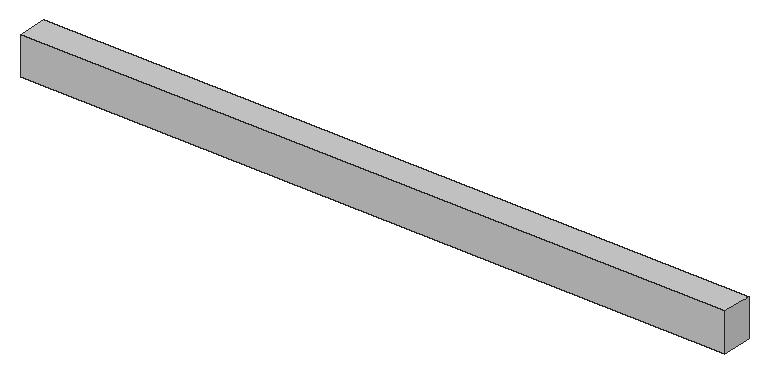
Revit family "Lum_Teto_Tubo_Embu1", category Lighting Fixtures, host Ceiling, Revit 2025
Family settings
  Host = Ceiling
  Round Connector Dimension = Use Diameter
  Part Type = Normal
  OmniClass Number = 23.80.70.11
  OmniClass Title = Luminaries for Internal Lighting
  Always vertical = Yes
  Cut with Voids When Loaded = No
  Light Source = Yes
  Maintain Annotation Orientation = No
  Shared = No
  Room Calculation Point = No
Parameters (values of type "Luminária_Tubular_Embutida_1_Lâmpada")
  Wattage = 9.2903 W
  built-in parameter 1150110 = 1 (stored number, unit not read)
  built-in parameter 1114217 = 1 (stored number, unit not read)
  built-in parameter 1150109 = 1 (stored number, unit not read)
  built-in parameter 1150134 = 3
  built-in parameter 1150113 = 1 (stored number, unit not read)
  built-in parameter 1150105 = 439.27 (stored number, unit not read)
  Lumens = 1380 lm
  built-in parameter 1150115 = 1 (stored number, unit not read)
  Lumi_Material = CT_Luminaria
  Lumi_Largura_Interna = Lumi_Largura * 0.95  # 47.5 mm
  Lumi_Largura = 50 mm
  Lumi_Comprimento = 1200 mm
  Lumi_Altura_Resalto = 5 mm
  Lumi_Altura_Embutida = 60 mm
  Light Source Symbol Size = 50 mm
  built-in parameter 1150137 = (empty or 0)
  built-in parameter 1150139 = (empty or 0)
  built-in parameter 1150112 = 1 (stored number, unit not read)
  built-in parameter 1150114 = 1 (stored number, unit not read)
  built-in parameter 1150132 = (empty or 0)
  built-in parameter 1150102 = (empty or 0)
  built-in parameter 1150107 = 3200 (stored number, unit not read)
  built-in parameter 1150138 = (empty or 0)
  built-in parameter 1150106 = 4.3927 (stored number, unit not read)
  Emit from Line Length = 1100 mm
  built-in parameter 1150104 = 13.8 (stored number, unit not read)
  Dimming Lamp Color Temperature Shift = <None>
  Default Elevation = 0 mm
  Color Filter = 16777215
  built-in parameter 1114218 = 1 (stored number, unit not read)
  built-in parameter 1150133 = 10 (stored number, unit not read)
Reference planes
  plane 1 "Eixo de origem da luz (F/T)": y = 0
  plane 2: z = 0
  plane 3 "Eixo de origem da luz (E/D)": x = 0
  plane 4 "Forro": z = 4000
  plane 5 "Elevação da origem da luz": z = 3995
  plane 6 "Tubo_E": x = -550
  plane 7 "Tubo_D": x = 550
  plane 8: z = 4060
Forms (mm)
  Extrusion 1, solid, material "CT_Luminaria" <- "Lumi_Material"
    sketch origin (0, 0, 4000) x (0, 1, 0) y (-1, 0, 0)
      loop
        line (25, 600) -> (-25, 600) -> (-25, -600) -> (25, -600) -> (25, 600)
    from 60 to -5
  Extrusion 2, void
    sketch origin (550, 0, 0) x (0, 1, 0) y (0, 0, 1)
      loop
        line (-23.75, 3995) -> (23.75, 3995) -> (23.75, 4011.133)
        arc (23.75, 4011.133) -> (-0.004, 4014.516) -> (-23.75, 4011.072) r 84.339
        line (-23.75, 4011.072) -> (-23.75, 3995)
    from 0 to -1100
Lines and regions (mm)
  Opening 1
    outline origin (0, 0, 4000) x (1, 0, 0) y (0, 1, 0)
      loop
        line (-600, 25) -> (-600, -25) -> (600, -25) -> (600, 25) -> (-600, 25)
Dimensions and locks
  equal spacing: host sketch curve, plane 3 "Eixo de origem da luz (E/D)", host sketch curve
  equal spacing: host sketch curve, plane 1 "Eixo de origem da luz (F/T)", host sketch curve
  host sketch curve to host sketch curve = 4000 mm  (x2)
  plane 4 "Forro" to host ceiling = 0 mm
  equal spacing: Extrusion 1 sketch curve, plane 3 "Eixo de origem da luz (E/D)", Extrusion 1 sketch curve
  equal spacing: Extrusion 1 sketch curve, plane 1 "Eixo de origem da luz (F/T)", Extrusion 1 sketch curve
  "Lumi_Largura": Extrusion 1 sketch curve to Extrusion 1 sketch curve
  "Lumi_Comprimento": Extrusion 1 sketch curve to Extrusion 1 sketch curve
  "Lumi_Altura_Resalto": plane 5 "Elevação da origem da luz" to plane 4 "Forro"
  equal spacing: plane 6 "Tubo_E", plane 3 "Eixo de origem da luz (E/D)", plane 7 "Tubo_D"
  equal spacing: Extrusion 2 sketch curve, plane 1 "Eixo de origem da luz (F/T)", Extrusion 2 sketch curve
  "Lumi_Altura_Embutida": plane 8 to plane 4 "Forro"
  "Lumi_Largura": Extrusion 1 to Extrusion 1
  aligned and locked: plane 5 "Elevação da origem da luz" to Extrusion 1
  aligned and locked: plane 8 to Extrusion 1
  aligned and locked: Opening 1 sketch curve to Extrusion 1  (x4)
Automatic sketch dimensions
  plane 5 "Elevação da origem da luz" to Extrusion 2 sketch curve = 0 mm
  Extrusion 2 sketch curve to plane 1 "Eixo de origem da luz (F/T)" = 0.104 mm
  plane 5 "Elevação da origem da luz" to Extrusion 2 sketch curve = 64.822 mm
  plane 1 "Eixo de origem da luz (F/T)" to Extrusion 2 sketch curve = 23.75 mm
  Extrusion 2 sketch curve to plane 5 "Elevação da origem da luz" = 16.072 mm
